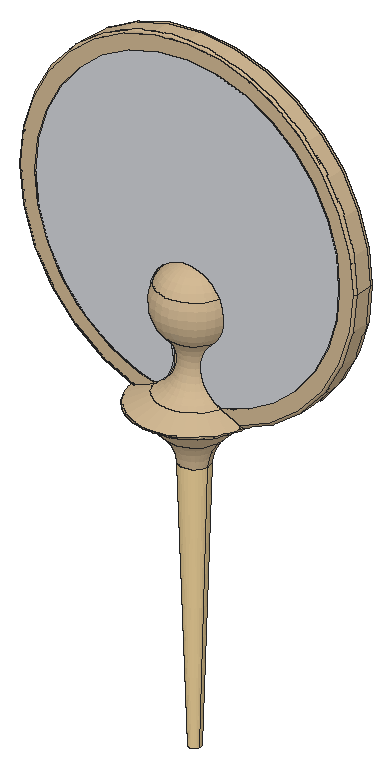
Revit family "ESPELHO PENTEADEIRA Ø30cm", category Mobiliário, Revit 2024
Family settings
  Com base no plano de trabalho = Não
  Ativar corte nas vistas = Não
  Sempre na vertical = Sim
  Corte com vazios quando carregada = Não
  Origem da aparência de renderização = Geometria da família
  Compartilhado = Não
  Ponto de cálculo do ambiente = Não
Parameters
  Elevação padrão = 0.0 cm
  Descrição = "Espelho bailarina de penteadeira"
Reference planes (cm)
  plane 1 "Centro (Frente/Trás)": y = 0
  plane 2: z = 0
  plane 3 "Centro (Esquerda/Direita)": x = 0
  plane 4: x = -14.5
  plane 5: x = 14.5
  plane 6: y = -5.5
  plane 7: y = 5.5
Forms (cm)
  Revolve 1, solid, material "MADEIRA NATURAL"
    sketch origin (-25.0157, 0, 18.7918) x (1, 0, 0) y (0, 0, 1)
      loop
        line (25.0029, 61.7019) -> (26.2398, 61.7019)
        arc (26.2398, 61.7019) -> (26.6085, 62.9821) -> (27.359, 64.0828) r 4.2086
        arc (27.359, 64.0828) -> (28.3377, 65.0594) -> (29.4204, 65.9191) r 12.2174
        arc (29.4204, 65.9191) -> (29.7809, 66.1622) -> (30.1497, 66.3924) r 12.2151
        arc (30.1497, 66.3924) -> (30.1815, 66.4282) -> (30.1569, 66.4693) r 0.0405
        line (30.1569, 66.4693) -> (28.1307, 67.3257)
        arc (28.1307, 67.3257) -> (26.2833, 69.5539) -> (27.3282, 72.2532) r 2.8589
        arc (27.3282, 72.2532) -> (28.2584, 74.0901) -> (27.9687, 76.1285) r 3.4285
        arc (27.9687, 76.1285) -> (26.754, 77.4711) -> (25.0029, 77.9312) r 3.1739
        line (25.0029, 77.9312) -> (25.0029, 61.7019)
      axis (25.0029, 77.9312) -> (25.0029, 61.7019)
    angle from 0 to 360
  Sweep 2, solid, material "MADEIRA NATURAL"
    path origin (-25.0157, -24.5312, 19.3699) x (1, 0, 0) y (0, 0, 1)
      loop
        circle (25.0126, 80.2431) r 14.75
    profile origin (-0.0031, -24.5312, 114.363) x (0, 0, -1) y (0, -1, 0)
      loop
        line (1, -25.5) -> (1, -23.7004) -> (-0.2963, -23.7004)
        arc (-0.2963, -23.7004) -> (-0.4403, -23.7601) -> (-0.5, -23.9041) r 0.2037
        line (-0.5, -23.9041) -> (-0.5, -25.3)
        arc (-0.5, -25.3) -> (-0.4414, -25.4414) -> (-0.3, -25.5) r 0.2
        line (-0.3, -25.5) -> (1, -25.5)
  Revolve 3, solid, material "LATÃO"
    sketch origin (0, 0, 0) x (1, 0, 0) y (0, 0, 1)
      loop
        line (-0.0128, 80.4937) -> (-0.0128, 57.4937) -> (0.4872, 57.4937) -> (1.224, 80.4937) -> (-0.0128, 80.4937)
      axis (-0.0128, 80.4937) -> (-0.0128, 57.4937)
    angle from 0 to 360
  Extrusion 4, solid, material "MADEIRA NATURAL"
    sketch origin (-25.0157, 0.9625, 19.2449) x (1, 0, 0) y (0, 0, 1)
      loop
        circle (25.0126, 80.3681) r 15.25
    from -0.0063 to 0.4
  Extrusion 5, solid
    sketch origin (-25.0157, -0.7519, 19.2449) x (1, 0, 0) y (0, 0, 1)
      loop
        arc (38.7626, 80.3681) -> (25.0126, 94.1181) -> (11.2626, 80.3681) r 13.75
        arc (11.2626, 80.3681) -> (14.2773, 71.7764) -> (21.9996, 66.9523) r 13.75
        arc (21.9996, 66.9523) -> (23.7475, 69.1791) -> (22.6775, 71.8001) r 2.8166
        arc (22.6775, 71.8001) -> (25.0029, 77.5616) -> (27.3282, 71.8001) r 3.35
        arc (27.3282, 71.8001) -> (26.2448, 69.1701) -> (28.0256, 66.9523) r 2.7958
        arc (28.0256, 66.9523) -> (35.7478, 71.7764) -> (38.7626, 80.3681) r 13.75
    from 0 to 0.08
Cuts and joins
  joined: Sweep 2, Extrusion 4
Dimensions and locks (cm)
  equal spacing: plane 6, plane 1 "Centro (Frente/Trás)", plane 7
  equal spacing: plane 4, plane 3 "Centro (Esquerda/Direita)", plane 5
  aligned and locked: level to plane 2
Automatic sketch dimensions
  Sweep 2 sketch curve to plane 3 "Centro (Esquerda/Direita)" = 0.0031 cm
  level to Sweep 2 sketch curve = 99.613 cm
  profile plane to Sweep 2 sketch curve = 0.5 cm
  Sweep 2 sketch curve to Sweep 2 sketch curve = 0.2 cm
  Sweep 2 sketch curve to Sweep 2 sketch curve = 0.2037 cm
  Sweep 2 sketch curve to profile plane = 1.0 cm
  Sweep 2 sketch curve to profile plane = 25.5 cm
  Sweep 2 sketch curve to Sweep 2 sketch curve = 1.3959 cm
  Revolve 3 sketch curve to plane 3 "Centro (Esquerda/Direita)" = 0.0128 cm  (x2)
  plane 3 "Centro (Esquerda/Direita)" to Revolve 3 sketch curve = 0.4872 cm
  plane 3 "Centro (Esquerda/Direita)" to Revolve 3 sketch curve = 1.224 cm
  level to Revolve 3 sketch curve = 57.4937 cm
  Revolve 3 sketch curve to Revolve 3 sketch curve = 23.0 cm
  Revolve 3 sketch curve to Revolve 3 sketch curve = 3.0 cm
  Revolve 3 sketch curve to Revolve 3 sketch curve = 2.0 cm
  Extrusion 4 sketch curve to Extrusion 4 sketch curve = 0.0 cm  (x2)
  Extrusion 4 sketch curve to plane 3 "Centro (Esquerda/Direita)" = 0.0031 cm
  level to Extrusion 4 sketch curve = 99.613 cm
  Extrusion 4 sketch curve to plane 4 = 0.7531 cm
  Revolve 1 sketch curve to plane 3 "Centro (Esquerda/Direita)" = 0.1399 cm
  Revolve 1 sketch curve to plane 3 "Centro (Esquerda/Direita)" = 0.0128 cm  (x2)
  plane 3 "Centro (Esquerda/Direita)" to Revolve 1 sketch curve = 0.0897 cm
  plane 3 "Centro (Esquerda/Direita)" to Revolve 1 sketch curve = 1.224 cm
  Revolve 1 sketch curve to Revolve 1 sketch curve = 0.9743 cm
  Revolve 1 sketch curve to Revolve 1 sketch curve = 0.0158 cm
  Revolve 1 sketch curve to Revolve 1 sketch curve = 4.1775 cm
  Revolve 1 sketch curve to plane 5 = 3.0853 cm
  Revolve 1 sketch curve to Revolve 1 sketch curve = 0.0335 cm
  level to Revolve 1 sketch curve = 74.7075 cm
  Revolve 1 sketch curve to Revolve 1 sketch curve = 0.0207 cm
  Revolve 1 sketch curve to Revolve 1 sketch curve = 5.276 cm
  Revolve 1 sketch curve to Revolve 1 sketch curve = 0.5103 cm
  Revolve 1 sketch curve to Revolve 1 sketch curve = 5.2403 cm
  Revolve 1 sketch curve to Revolve 1 sketch curve = 0.0373 cm
  Revolve 1 sketch curve to Revolve 1 sketch curve = 0.8564 cm
  Revolve 1 sketch curve to Revolve 1 sketch curve = 2.6878 cm
  Revolve 1 sketch curve to Revolve 1 sketch curve = 0.1098 cm
  Revolve 1 sketch curve to Revolve 1 sketch curve = 3.1723 cm
  plane 3 "Centro (Esquerda/Direita)" to Revolve 1 sketch curve = 2.3433 cm
  Revolve 1 sketch curve to Revolve 1 sketch curve = 0.7207 cm
  Revolve 1 sketch curve to Revolve 1 sketch curve = 4.9851 cm
  Revolve 1 sketch curve to Revolve 1 sketch curve = 3.7856 cm
  plane 3 "Centro (Esquerda/Direita)" to Revolve 1 sketch curve = 3.115 cm
  Revolve 1 sketch curve to Revolve 1 sketch curve = 2.0105 cm
  Revolve 1 sketch curve to Revolve 1 sketch curve = 2.3959 cm
  Revolve 1 sketch curve to Revolve 1 sketch curve = 4.6356 cm
  Extrusion 5 sketch curve to Extrusion 5 sketch curve = 0.0 cm  (x2)
  Extrusion 5 sketch curve to plane 3 "Centro (Esquerda/Direita)" = 4.0576 cm
  Extrusion 5 sketch curve to plane 3 "Centro (Esquerda/Direita)" = 0.0128 cm
  Extrusion 5 sketch curve to plane 3 "Centro (Esquerda/Direita)" = 0.0031 cm
  plane 3 "Centro (Esquerda/Direita)" to Extrusion 5 sketch curve = 3.9964 cm
  level to Extrusion 5 sketch curve = 88.8131 cm
  Extrusion 5 sketch curve to Extrusion 5 sketch curve = 0.001 cm
  Extrusion 5 sketch curve to Extrusion 5 sketch curve = 4.6433 cm
  plane 4 to Extrusion 5 sketch curve = 0.7469 cm
  Extrusion 5 sketch curve to Extrusion 5 sketch curve = 1.0415 cm
  Extrusion 5 sketch curve to plane 3 "Centro (Esquerda/Direita)" = 2.3382 cm
  plane 3 "Centro (Esquerda/Direita)" to Extrusion 5 sketch curve = 2.3125 cm
  Extrusion 5 sketch curve to Extrusion 5 sketch curve = 0.9865 cm
  radius of Sweep 2 sketch curve = 14.75 cm
